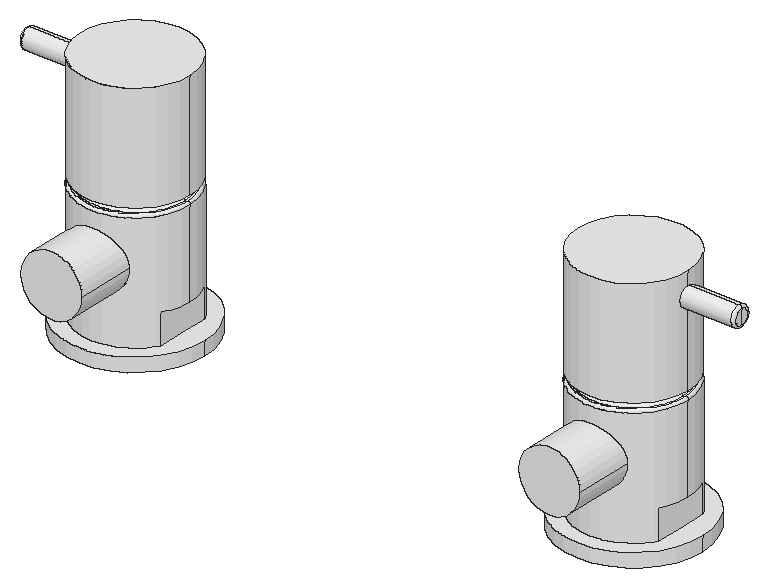
Revit family "Coolibah-contemporary-lever-washing-machine-90336C", category Plumbing Fixtures, host Face, Revit 2015
Parameters (values of type "Coolibah-contemporary-lever-washing-machine-90336C")
  Waste Connection = no
  Vent Connection = no
  URL = "https://www.caroma.com.au/"
  Model = "90336C"
  Material_Base = GWA_Metal-Chrome
  Manufacturer = "GWA Bathrooms & Kitchens"  # constant formula
  HW Connection = yes
  Description = "Coolibah-contemporary-lever-washing-machine"
  Default Elevation = 900 mm
  CreatedBy_ANZRS = "GWA Bathrooms & Kitchens"  # constant formula
  CW Connection = yes
  Assembly Code = "D2010710"
Reference planes
  plane 1 "Center (Front/Back)": y = 0
  plane 2: z = 0
  plane 3 "Center (Left/Right)": x = 0
  plane 4: x = -100
  plane 5: x = 100
  plane 6 "Handles": y = 0
Forms (mm)
  Revolve 1, solid, material "GWA_Metal-Chrome" <- "Material_Base"
    sketch origin (0, 0, 0) x (1, 0, 0) y (0, 0, 1)
      loop
        line (-100, 5.5) -> (-100, 55.8) -> (-119, 55.8) -> (-119, 54.2)
        arc (-119, 54.2) -> (-119.293, 53.493) -> (-120, 53.2) r 1
        line (-120, 53.2) -> (-121, 53.2)
        arc (-121, 53.2) -> (-121.707, 52.907) -> (-122, 52.2) r 1
        line (-122, 52.2) -> (-122, 5.5) -> (-100, 5.5)
      axis (-100, 55.8) -> (-100, 5.5)
    angle from 0 to 360
  Extrusion 2, solid, material "GWA_Metal-Chrome" <- "Material_Base"
    sketch origin (0, 0, 41.3) x (1, 0, 0) y (0, 1, 0)
      loop
        circle (-100, 0) r 22
    from 14.5 to 57.5
  Revolve 3, solid, material "GWA_Metal-Chrome" <- "Material_Base"
    sketch origin (0, 0, 46.41) x (1, 0, 0) y (0, 0, 1)
      loop
        line (-115, 47.39) -> (-142.5, 47.39)
        arc (-142.5, 47.39) -> (-143.207, 47.098) -> (-143.5, 46.39) r 1
        line (-143.5, 46.39) -> (-143.5, 43.39) -> (-115, 43.39) -> (-115, 47.39)
      axis (-115, 43.39) -> (-143.5, 43.39)
    angle from 0 to 360
  Extrusion 4, solid, material "GWA_Metal-Chrome" <- "Material_Base"
    sketch origin (-50, 0, 3) x (1, 0, 0) y (0, 1, 0)
      loop
        circle (-50, 0) r 28
    from -3 to 2.5
  Extrusion 5, solid, material "GWA_Metal-Chrome" <- "Material_Base"
    sketch origin (0, 0, 6.657) x (1, 0, 0) y (0, 0, 1)
      loop
        circle (-100, 27.343) r 12.2
    from 42 to 0
  Extrusion 6, void
    sketch origin (0, 0, 0) x (-1, 0, 0) y (0, 0, -1)
      loop
        line (81, -5.5) -> (71, -5.5) -> (71, -17.5) -> (81, -17.5) -> (81, -5.5)
      loop
        line (119, -5.5) -> (119, -17.5) -> (129, -17.5) -> (129, -5.5) -> (119, -5.5)
    from -30.627 to 30.444
  Revolve 7, solid, material "GWA_Metal-Chrome" <- "Material_Base"
    sketch origin (0, 0, 0) x (-1, 0, 0) y (0, 0, -1)
      loop
        line (-100, -5.5) -> (-122, -5.5) -> (-122, -52.2)
        arc (-122, -52.2) -> (-121.707, -52.907) -> (-121, -53.2) r 1
        line (-121, -53.2) -> (-120, -53.2)
        arc (-120, -53.2) -> (-119.293, -53.493) -> (-119, -54.2) r 1
        line (-119, -54.2) -> (-119, -55.8) -> (-100, -55.8) -> (-100, -5.5)
      axis (-100, -55.8) -> (-100, -5.5)
    angle from 0 to 360
  Extrusion 8, solid, material "GWA_Metal-Chrome" <- "Material_Base"
    sketch origin (0, 0, 41.3) x (-1, 0, 0) y (0, -1, 0)
      loop
        circle (-100, 0) r 22
    from 14.5 to 57.5
  Revolve 9, solid, material "GWA_Metal-Chrome" <- "Material_Base"
    sketch origin (0, 0, 46.41) x (-1, 0, 0) y (0, 0, -1)
      loop
        line (-115, -47.39) -> (-115, -43.39) -> (-143.5, -43.39) -> (-143.5, -46.39)
        arc (-143.5, -46.39) -> (-143.207, -47.098) -> (-142.5, -47.39) r 1
        line (-142.5, -47.39) -> (-115, -47.39)
      axis (-115, -43.39) -> (-143.5, -43.39)
    angle from 0 to 360
  Extrusion 10, solid, material "GWA_Metal-Chrome" <- "Material_Base"
    sketch origin (50, 0, 3) x (-1, 0, 0) y (0, -1, 0)
      loop
        circle (-50, 0) r 28
    from -3 to 2.5
  Extrusion 11, solid, material "GWA_Metal-Chrome" <- "Material_Base"
    sketch origin (0, 0, 6.657) x (-1, 0, 0) y (0, 0, -1)
      loop
        circle (-100, -27.343) r 12.2
    from 42 to 0
  Extrusion 12, void
    sketch origin (0, 0, 0) x (1, 0, 0) y (0, 0, 1)
      loop
        line (81, 5.5) -> (81, 17.5) -> (71, 17.5) -> (71, 5.5) -> (81, 5.5)
      loop
        line (119, 5.5) -> (129, 5.5) -> (129, 17.5) -> (119, 17.5) -> (119, 5.5)
    from -30.627 to 30.444
Cuts and joins
  Extrusion 6, Extrusion 12 cuts Revolve 1
  Extrusion 12 cuts Extrusion 4
  Extrusion 12 cuts Revolve 7
  Extrusion 12 cuts Extrusion 10
Lines and regions (mm)
  Masking region 1
    outline origin (0, 0, 0) x (1, 0, 0) y (0, 0, 1)
      loop
        line (122, 98.8) -> (78, 98.8) -> (78, 55.8) -> (81, 55.8) -> (81, 54.2)
        arc (81, 54.2) -> (80.707, 53.493) -> (80, 53.2) r 1
        line (80, 53.2) -> (79, 53.2)
        arc (79, 53.2) -> (78.293, 52.907) -> (78, 52.2) r 1
        line (78, 52.2) -> (78, 17.5) -> (81, 17.5) -> (81, 5.5) -> (72, 5.5) -> (72, 0) -> (128, 0) -> (128, 5.5) -> (119, 5.5) -> (119, 17.5) -> (122, 17.5) -> (122, 52.2)
        arc (122, 52.2) -> (121.707, 52.907) -> (121, 53.2) r 1
        line (121, 53.2) -> (120, 53.2)
        arc (120, 53.2) -> (119.293, 53.493) -> (119, 54.2) r 1
        line (119, 54.2) -> (119, 55.8) -> (122, 55.8) -> (122, 85.8) -> (142.539, 85.8)
        arc (142.539, 85.8) -> (143.246, 86.093) -> (143.539, 86.8) r 1
        line (143.539, 86.8) -> (143.539, 92.8)
        arc (143.539, 92.8) -> (143.246, 93.507) -> (142.539, 93.8) r 1
        line (142.539, 93.8) -> (122, 93.8) -> (122, 98.8)
  Masking region 2
    outline origin (0, 0, 0) x (-1, 0, 0) y (0, 0, 1)
      loop
        line (122, 98.8) -> (78, 98.8) -> (78, 55.8) -> (81, 55.8) -> (81, 54.2)
        arc (81, 54.2) -> (80.707, 53.493) -> (80, 53.2) r 1
        line (80, 53.2) -> (79, 53.2)
        arc (79, 53.2) -> (78.293, 52.907) -> (78, 52.2) r 1
        line (78, 52.2) -> (78, 17.5) -> (81, 17.5) -> (81, 5.5) -> (72, 5.5) -> (72, 0) -> (128, 0) -> (128, 5.5) -> (119, 5.5) -> (119, 17.5) -> (122, 17.5) -> (122, 52.2)
        arc (122, 52.2) -> (121.707, 52.907) -> (121, 53.2) r 1
        line (121, 53.2) -> (120, 53.2)
        arc (120, 53.2) -> (119.293, 53.493) -> (119, 54.2) r 1
        line (119, 54.2) -> (119, 55.8) -> (122, 55.8) -> (122, 85.8) -> (142.539, 85.8)
        arc (142.539, 85.8) -> (143.246, 86.093) -> (143.539, 86.8) r 1
        line (143.539, 86.8) -> (143.539, 92.8)
        arc (143.539, 92.8) -> (143.246, 93.507) -> (142.539, 93.8) r 1
        line (142.539, 93.8) -> (122, 93.8) -> (122, 98.8)
  Masking region 3
    outline origin (0, 0, 0) x (1, 0, 0) y (0, 1, 0)
      loop
        arc (-87.8, -25.202) -> (-83.467, 22.597) -> (-127.713, 4) r 28
        line (-127.713, 4) -> (-142.5, 4)
        arc (-142.5, 4) -> (-143.207, 3.707) -> (-143.5, 3) r 1
        line (-143.5, 3) -> (-143.5, -3)
        arc (-143.5, -3) -> (-143.207, -3.707) -> (-142.5, -4) r 1
        line (-142.5, -4) -> (-127.713, -4)
        arc (-127.713, -4) -> (-122.597, -16.533) -> (-112.2, -25.202) r 28
        line (-112.2, -25.202) -> (-112.2, -42) -> (-87.8, -42) -> (-87.8, -25.202)
  Masking region 4
    outline origin (0, 0, 0) x (0, 1, 0) y (-1, 0, 0)
      loop
        line (-25.202, -87.8) -> (-42, -87.8) -> (-42, -112.2) -> (-25.202, -112.2)
        arc (-25.202, -112.2) -> (-16.533, -122.597) -> (-4, -127.713) r 28
        line (-4, -127.713) -> (-4, -142.5)
        arc (-4, -142.5) -> (-3.707, -143.207) -> (-3, -143.5) r 1
        line (-3, -143.5) -> (3, -143.5)
        arc (3, -143.5) -> (3.707, -143.207) -> (4, -142.5) r 1
        line (4, -142.5) -> (4, -127.713)
        arc (4, -127.713) -> (22.597, -83.467) -> (-25.202, -87.8) r 28
  Masking region 5
    outline origin (0, 0, 0) x (0, 1, 0) y (0, 0, 1)
      loop
        line (22, 98.8) -> (-22, 98.8) -> (-22, 55.8) -> (-19, 55.8) -> (-19, 54.2)
        arc (-19, 54.2) -> (-19.293, 53.493) -> (-20, 53.2) r 1
        line (-20, 53.2) -> (-21, 53.2)
        arc (-21, 53.2) -> (-21.707, 52.907) -> (-22, 52.2) r 1
        line (-22, 52.2) -> (-22, 46.2) -> (-42, 46.2) -> (-42, 21.8) -> (-22, 21.8) -> (-22, 5.5) -> (-28, 5.5) -> (-28, 0) -> (28, 0) -> (28, 5.5) -> (22, 5.5) -> (22, 52.2)
        arc (22, 52.2) -> (21.707, 52.907) -> (21, 53.2) r 1
        line (21, 53.2) -> (20, 53.2)
        arc (20, 53.2) -> (19.293, 53.493) -> (19, 54.2) r 1
        line (19, 54.2) -> (19, 55.8) -> (22, 55.8) -> (22, 98.8)
  symbolic lines
    curve 1: line (-1534.635, 0, 1002.979) -> (1659.773, 0, 1002.979)
    curve 2: circle (-100, 0, 0) r 22 normal (0, 0, 1)
    curve 3: arc (-127.713, -4, 0) -> (-122.597, -16.533, 0) -> (-112.2, -25.202, 0) r 28
    curve 4: line (-121.633, 4, 0) -> (-142.5, 4, 0)
    curve 5: line (-112.2, -42, 0) -> (-87.8, -42, 0)
    curve 6: line (-112.2, -42, 0) -> (-112.2, -18.307, 0)
    curve 7: line (-87.8, -42, 0) -> (-87.8, -18.307, 0)
    curve 8: line (-121.633, -4, 0) -> (-142.5, -4, 0)
    curve 9: line (-143.5, 3, 0) -> (-143.5, -3, 0)
    curve 10: arc (-143.5, 3, 0) -> (-143.207, 3.707, 0) -> (-142.5, 4, 0) r 1
    curve 11: arc (-143.5, -3, 0) -> (-143.207, -3.707, 0) -> (-142.5, -4, 0) r 1
    curve 12: arc (-87.8, -25.202, 0) -> (-83.467, 22.597, 0) -> (-127.713, 4, 0) r 28
    curve 13: circle (100, 0, 0) r 22 normal (0, 0, -1)
    curve 14: arc (127.713, -4, 0) -> (122.597, -16.533, 0) -> (112.2, -25.202, 0) r 28
    curve 15: line (121.633, 4, 0) -> (142.5, 4, 0)
    curve 16: line (112.2, -42, 0) -> (87.8, -42, 0)
    curve 17: line (112.2, -42, 0) -> (112.2, -18.307, 0)
    curve 18: line (87.8, -42, 0) -> (87.8, -18.307, 0)
    curve 19: line (121.633, -4, 0) -> (142.5, -4, 0)
    curve 20: line (143.5, 3, 0) -> (143.5, -3, 0)
    curve 21: arc (143.5, 3, 0) -> (143.207, 3.707, 0) -> (142.5, 4, 0) r 1
    curve 22: arc (143.5, -3, 0) -> (143.207, -3.707, 0) -> (142.5, -4, 0) r 1
    curve 23: arc (87.8, -25.202, 0) -> (83.467, 22.597, 0) -> (127.713, 4, 0) r 28
    curve 24: line (72, 0, 0) -> (72, 0, 5.5)
    curve 25: line (72, 0, 5.5) -> (128, 0, 5.5)
    curve 26: line (128, 0, 5.5) -> (128, 0, 0)
    curve 27: line (128, 0, 0) -> (72, 0, 0)
    curve 28: line (81, 0, 5.5) -> (81, 0, 17.5)
    curve 29: line (81, 0, 17.5) -> (78, 0, 17.5)
    curve 30: line (78, 0, 17.5) -> (78, 0, 52.2)
    curve 31: line (81, 0, 55.8) -> (81, 0, 54.2)
    curve 32: line (78, 0, 55.8) -> (122, 0, 55.8)
    curve 33: line (119, 0, 55.8) -> (119, 0, 54.2)
    curve 34: line (79, 0, 53.2) -> (80, 0, 53.2)
    curve 35: line (120, 0, 53.2) -> (121, 0, 53.2)
    curve 36: arc (79, 0, 53.2) -> (78.293, 0, 52.907) -> (78, 0, 52.2) r 1
    curve 37: arc (81, 0, 54.2) -> (80.707, 0, 53.493) -> (80, 0, 53.2) r 1
    curve 38: line (119, 0, 5.5) -> (119, 0, 17.5)
    curve 39: line (119, 0, 17.5) -> (122, 0, 17.5)
    curve 40: line (122, 0, 17.5) -> (122, 0, 52.2)
    curve 41: arc (122, 0, 52.2) -> (121.707, 0, 52.907) -> (121, 0, 53.2) r 1
    curve 42: arc (120, 0, 53.2) -> (119.293, 0, 53.493) -> (119, 0, 54.2) r 1
    curve 43: line (122, 0, 93.8) -> (142.539, 0, 93.8)
    curve 44: line (122, 0, 85.8) -> (142.539, 0, 85.8)
    curve 45: line (143.539, 0, 86.8) -> (143.539, 0, 92.8)
    curve 46: arc (143.539, 0, 92.8) -> (143.246, 0, 93.507) -> (142.539, 0, 93.8) r 1
    curve 47: arc (143.539, 0, 86.8) -> (143.246, 0, 86.093) -> (142.539, 0, 85.8) r 1
    curve 48: line (122, 0, 55.8) -> (122, 0, 85.8)
    curve 49: line (122, 0, 98.8) -> (78, 0, 98.8)
    curve 50: line (78, 0, 98.8) -> (78, 0, 55.8)
    curve 51: arc (122, 0, 93.8) -> (120.618, 0, 89.8) -> (122, 0, 85.8) r 6.479
    curve 52: line (122, 0, 93.8) -> (122, 0, 98.8)
    curve 53: line (-72, 0, 0) -> (-72, 0, 5.5)
    curve 54: line (-72, 0, 5.5) -> (-128, 0, 5.5)
    curve 55: line (-128, 0, 5.5) -> (-128, 0, 0)
    curve 56: line (-128, 0, 0) -> (-72, 0, 0)
    curve 57: line (-81, 0, 5.5) -> (-81, 0, 17.5)
    curve 58: line (-81, 0, 17.5) -> (-78, 0, 17.5)
    curve 59: line (-78, 0, 17.5) -> (-78, 0, 52.2)
    curve 60: line (-81, 0, 55.8) -> (-81, 0, 54.2)
    curve 61: line (-78, 0, 55.8) -> (-122, 0, 55.8)
    curve 62: line (-119, 0, 55.8) -> (-119, 0, 54.2)
    curve 63: line (-79, 0, 53.2) -> (-80, 0, 53.2)
    curve 64: line (-120, 0, 53.2) -> (-121, 0, 53.2)
    curve 65: arc (-79, 0, 53.2) -> (-78.293, 0, 52.907) -> (-78, 0, 52.2) r 1
    curve 66: arc (-81, 0, 54.2) -> (-80.707, 0, 53.493) -> (-80, 0, 53.2) r 1
    curve 67: line (-119, 0, 5.5) -> (-119, 0, 17.5)
    curve 68: line (-119, 0, 17.5) -> (-122, 0, 17.5)
    curve 69: line (-122, 0, 17.5) -> (-122, 0, 52.2)
    curve 70: arc (-122, 0, 52.2) -> (-121.707, 0, 52.907) -> (-121, 0, 53.2) r 1
    curve 71: arc (-120, 0, 53.2) -> (-119.293, 0, 53.493) -> (-119, 0, 54.2) r 1
    curve 72: line (-122, 0, 93.8) -> (-142.539, 0, 93.8)
    curve 73: line (-122, 0, 85.8) -> (-142.539, 0, 85.8)
    curve 74: line (-143.539, 0, 86.8) -> (-143.539, 0, 92.8)
    curve 75: arc (-143.539, 0, 92.8) -> (-143.246, 0, 93.507) -> (-142.539, 0, 93.8) r 1
    curve 76: arc (-143.539, 0, 86.8) -> (-143.246, 0, 86.093) -> (-142.539, 0, 85.8) r 1
    curve 77: line (-122, 0, 55.8) -> (-122, 0, 85.8)
    curve 78: line (-122, 0, 98.8) -> (-78, 0, 98.8)
    curve 79: line (-78, 0, 98.8) -> (-78, 0, 55.8)
    curve 80: arc (-122, 0, 93.8) -> (-120.618, 0, 89.8) -> (-122, 0, 85.8) r 6.479
    curve 81: line (-122, 0, 93.8) -> (-122, 0, 98.8)
    curve 82: line (120, 0, 53.2) -> (80, 0, 53.2)
    curve 83: line (-120, 0, 53.2) -> (-80, 0, 53.2)
    curve 84: line (0, -19, 98.8) -> (0, 19, 98.8)
    curve 85: line (0, 19, 55.8) -> (0, -19, 55.8)
    curve 86: line (0, 28, 0) -> (0, 28, 5.5)
    curve 87: line (0, 28, 5.5) -> (0, -28, 5.5)
    curve 88: line (0, -28, 5.5) -> (0, -28, 0)
    curve 89: line (0, -28, 0) -> (0, 28, 0)
    curve 90: line (0, 11.091, 5.5) -> (0, 11.091, 17.5)
    curve 91: line (0, 11.091, 17.5) -> (0, -11.091, 17.5)
    curve 92: line (0, -11.091, 17.5) -> (0, -11.091, 5.5)
    curve 93: line (0, -42, 21.8) -> (0, -22, 21.8)
    curve 94: line (0, -22, 21.8) -> (0, -22, 5.5)
    curve 95: line (0, 22, 52.2) -> (0, 22, 5.5)
    curve 96: line (0, -42, 46.2) -> (0, -22, 46.2)
    curve 97: line (0, -42, 46.2) -> (0, -42, 21.8)
    curve 98: line (0, -22, 21.8) -> (0, -22, 52.2)
    curve 99: line (0, 21, 53.2) -> (0, 20, 53.2)
    curve 100: arc (0, -22, 52.2) -> (0, -21.707, 52.907) -> (0, -21, 53.2) r 1
    curve 101: arc (0, 21, 53.2) -> (0, 21.707, 52.907) -> (0, 22, 52.2) r 1
    curve 102: line (0, 19, 55.8) -> (0, 19, 54.2)
    curve 103: line (0, -20, 53.2) -> (0, -21, 53.2)
    curve 104: line (0, -19, 55.8) -> (0, -19, 54.2)
    curve 105: arc (0, 20, 53.2) -> (0, 19.293, 53.493) -> (0, 19, 54.2) r 1
    curve 106: arc (0, -20, 53.2) -> (0, -19.293, 53.493) -> (0, -19, 54.2) r 1
    curve 107: circle (0, 0, 89.8) r 4 normal (1, 0, 0)
    curve 108: line (0, -20, 53.2) -> (0, 20, 53.2)
Dimensions and locks
  aligned and locked: plane 2 to host face
  aligned and locked: level to host face
Connectors
  piping at (100, 0, 0), diameter 20
    settings: index 6, connector inside diameter 609.6 mm, connector length 0 mm, flow factor 0, pipe flow 0.0 L/s, pressure drop 0.0 Pa, fitting loss kfactor 0, connector angle 0.00°, fixture units 0, engagement length 0 mm, angle of deflection 0.00°, flow configuration 3, flow direction 1, fitting loss method 0, system type 20, joint type 0, gender type 0, connector reference index -1, connector utility 0, adjustable connector no, is connector primary yes, connector description ""
  piping at (-100, 0, 0), diameter 20
    settings: index 7, connector inside diameter 609.6 mm, connector length 0 mm, flow factor 0, pipe flow 0.0 L/s, pressure drop 0.0 Pa, fitting loss kfactor 0, connector angle 0.00°, fixture units 0, engagement length 0 mm, angle of deflection 0.00°, flow configuration 3, flow direction 1, fitting loss method 0, system type 19, joint type 0, gender type 0, connector reference index -1, connector utility 0, adjustable connector no, is connector primary no, connector description ""
